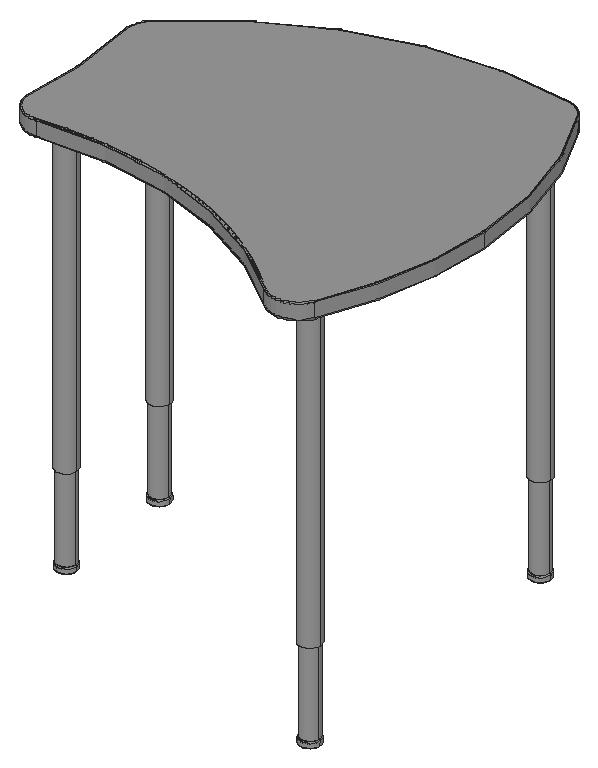
Revit family "Shapes Small - Shapes", category Generic Models, Revit 2018
Family settings
  Can host rebar = No
  Round Connector Dimension = Use Diameter
  Part Type = Normal
  Work Plane-Based = No
  Always vertical = Yes
  Cut with Voids When Loaded = No
  Shared = No
  Room Calculation Point = No
Parameters
  Table Height = 2' - 4 1/2"
  Surface = Shapes Small S Surface
  Leg Finish = Shapes Leg Platinum
  Edgeband = Shapes Small S Edgeband
  Caster/Glider = Shapes Leg - Glider : Shapes Leg - Glider
Reference planes (in)
  plane 1 "Center (Front/Back)": y = 0
  plane 2: z = 0
  plane 3 "Center (Left/Right)": x = 0
  plane 4 "Table Height": z = 28.5
Dimensions and locks (in)
  "Table Height": plane 4 "Table Height" to level
  aligned and locked: plane 2 to level
  aligned and locked: nested 1 to plane 4 "Table Height"
Nested families (in)
  nested 1: "Shapes Small Tabletop" at (0, 0, 0.70652), type "Shapes Small Tabletop"
  nested 2: "Shapes Leg - Glider" at (9.5, 11.25, 0), Leg Height <- "Table Height", type <- "Caster/Glider", Shapes Leg Finish <- "Leg Finish", type "Shapes Leg - Glider"
    with Shapes Leg Finish Shapes Leg Platinum, Leg Height 2' - 4 1/2"
  nested 3: "Shapes Leg - Glider" at (11.25, -11.5, 0), Leg Height <- "Table Height", Shapes Leg Finish <- "Leg Finish", type "Shapes Leg - Glider"
    with Shapes Leg Finish Shapes Leg Platinum, Leg Height 2' - 4 1/2"
  nested 4: "Shapes Leg - Glider" at (-11.75, -4.5, 0), Leg Height <- "Table Height", Shapes Leg Finish <- "Leg Finish", type "Shapes Leg - Glider"
    with Shapes Leg Finish Shapes Leg Platinum, Leg Height 2' - 4 1/2"
  nested 5: "Shapes Leg - Glider" at (-12.5, 4.75, 0), Leg Height <- "Table Height", type <- "Caster/Glider", Shapes Leg Finish <- "Leg Finish", type "Shapes Leg - Glider"
    with Shapes Leg Finish Shapes Leg Platinum, Leg Height 2' - 4 1/2"
Definition of nested family "Shapes Small Tabletop"
  Parameters (values of type "Shapes Small Tabletop")
    Surface = none
    Edgeband = none
  Reference planes (in)
    plane 1 "Center (Front/Back)": y = 0
    plane 2: z = 0
    plane 3 "Center (Left/Right)": x = 0
  Forms (in)
    Extrusion 1, solid, material <- "Surface"
      sketch origin (0, 0, 0) x (1, 0, 0) y (0, 1, 0)
        loop
          arc (-14.58503, 4.25707) -> (-14.18527, 1.8497) -> (-13.99683, -0.58335) r 27.97695
          arc (-13.99683, -0.58335) -> (-14.00319, -2.60076) -> (-14.16955, -4.61132) r 25.41508
          arc (-14.16955, -4.61132) -> (-14.18121, -4.75226) -> (-14.18165, -4.89368) r 1.78161
          arc (-14.18165, -4.89368) -> (-13.50919, -6.28312) -> (-12.03076, -6.72696) r 1.91773
          arc (-12.03076, -6.72696) -> (-0.30047, -7.84092) -> (9.87108, -13.78902) r 27.33492
          arc (9.87108, -13.78902) -> (11.5449, -14.27213) -> (12.91587, -13.19718) r 1.91219
          arc (12.91587, -13.19718) -> (14.84353, -7.30584) -> (15.35711, -1.12846) r 26.63274
          arc (15.35711, -1.12846) -> (14.17079, 5.94508) -> (11.17357, 12.46114) r 27.14972
          arc (11.17357, 12.46114) -> (10.63281, 13.01909) -> (9.91377, 13.31358) r 1.89788
          arc (9.91377, 13.31358) -> (-2.95957, 12.58613) -> (-14.05533, 6.0183) r 27.23253
          arc (-14.05533, 6.0183) -> (-14.49066, 5.36752) -> (-14.62626, 4.59639) r 1.89797
          arc (-14.62626, 4.59639) -> (-14.61305, 4.42583) -> (-14.58503, 4.25707) r 1.96137
      from 27.79348 to 28.91848
    Sweep 2, solid, material <- "Edgeband"
      path in 3D
        loop
          arc (9.91377, 13.31358, 28.91848) -> (10.63281, 13.01909, 28.91848) -> (11.17357, 12.46114, 28.91848) r 1.89788
          arc (11.17357, 12.46114, 28.91848) -> (14.17079, 5.94508, 28.91848) -> (15.35711, -1.12846, 28.91848) r 27.14972
          arc (15.35711, -1.12846, 28.91848) -> (14.84353, -7.30584, 28.91848) -> (12.91587, -13.19718, 28.91848) r 26.63274
          arc (12.91587, -13.19718, 28.91848) -> (11.5449, -14.27213, 28.91848) -> (9.87108, -13.78902, 28.91848) r 1.91219
          arc (9.87108, -13.78902, 28.91848) -> (-0.30047, -7.84092, 28.91848) -> (-12.03076, -6.72696, 28.91848) r 27.33492
          arc (-12.03076, -6.72696, 28.91848) -> (-13.50919, -6.28312, 28.91848) -> (-14.18165, -4.89368, 28.91848) r 1.91773
          arc (-14.18165, -4.89368, 28.91848) -> (-14.18121, -4.75226, 28.91848) -> (-14.16955, -4.61132, 28.91848) r 1.78161
          arc (-14.16955, -4.61132, 28.91848) -> (-14.00319, -2.60076, 28.91848) -> (-13.99683, -0.58335, 28.91848) r 25.41508
          arc (-13.99683, -0.58335, 28.91848) -> (-14.18527, 1.8497, 28.91848) -> (-14.58503, 4.25707, 28.91848) r 27.97695
          arc (-14.58503, 4.25707, 28.91848) -> (-14.61305, 4.42583, 28.91848) -> (-14.62626, 4.59639, 28.91848) r 1.96137
          arc (-14.62626, 4.59639, 28.91848) -> (-14.49066, 5.36752, 28.91848) -> (-14.05533, 6.0183, 28.91848) r 1.89797
          arc (-14.05533, 6.0183, 28.91848) -> (-2.95957, 12.58613, 28.91848) -> (9.91377, 13.31358, 28.91848) r 27.23253
      profile origin (-2.95957, 12.58613, 28.91848) x (-0.291174, 0.95667, 0) y (0, 0, 1)
        loop
          line (0, 0.00004) -> (0, -1.125)
          arc (0, -1.125) -> (0.04637, -1.10974) -> (0.06617, -1.06513) r 0.06017
          line (0.06617, -1.06513) -> (0.06617, -0.05996)
          arc (0.06617, -0.05996) -> (0.04638, -0.0153) -> (0, 0.00004) r 0.06029
  Lines and regions (in)
    sketch lines
      curve 1: arc (-14.05533, 6.0183, 28.91848) -> (-2.95957, 12.58613, 28.91848) -> (9.91377, 13.31358, 28.91848) r 27.23253
      curve 2: arc (9.91377, 13.31358, 28.91848) -> (10.63281, 13.01909, 28.91848) -> (11.17357, 12.46114, 28.91848) r 1.89788
      curve 3: arc (11.17357, 12.46114, 28.91848) -> (14.17079, 5.94508, 28.91848) -> (15.35711, -1.12846, 28.91848) r 27.14972
      curve 4: arc (15.35711, -1.12846, 28.91848) -> (14.84353, -7.30584, 28.91848) -> (12.91587, -13.19718, 28.91848) r 26.63274
      curve 5: arc (12.91587, -13.19718, 28.91848) -> (11.5449, -14.27213, 28.91848) -> (9.87108, -13.78902, 28.91848) r 1.91219
      curve 6: arc (9.87108, -13.78902, 28.91848) -> (-0.30047, -7.84092, 28.91848) -> (-12.03076, -6.72696, 28.91848) r 27.33492
      curve 7: arc (-12.03076, -6.72696, 28.91848) -> (-13.50919, -6.28312, 28.91848) -> (-14.18165, -4.89368, 28.91848) r 1.91773
      curve 8: arc (-14.18165, -4.89368, 28.91848) -> (-14.18121, -4.75226, 28.91848) -> (-14.16955, -4.61132, 28.91848) r 1.78161
      curve 9: arc (-14.16955, -4.61132, 28.91848) -> (-14.00319, -2.60076, 28.91848) -> (-13.99683, -0.58335, 28.91848) r 25.41508
      curve 10: arc (-13.99683, -0.58335, 28.91848) -> (-14.18527, 1.8497, 28.91848) -> (-14.58503, 4.25707, 28.91848) r 27.97695
      curve 11: arc (-14.58503, 4.25707, 28.91848) -> (-14.61305, 4.42583, 28.91848) -> (-14.62626, 4.59639, 28.91848) r 1.96137
      curve 12: arc (-14.62626, 4.59639, 28.91848) -> (-14.49066, 5.36752, 28.91848) -> (-14.05533, 6.0183, 28.91848) r 1.89797
  Dimensions and locks (in)
    aligned and locked: plane 2 to level
Definition of nested family "Shapes Leg - Glider"
  Parameters (values of type "Shapes Leg - Glider")
    Shapes Leg Finish [instance] = none
    Leg Height [instance] = 2' - 4 1/2"
  Reference planes (in)
    plane 1 "Center (Front/Back)": y = 0
    plane 2: z = 0
    plane 3 "Center (Left/Right)": x = 0
  Forms (in)
    Extrusion 1, solid
      sketch origin (-0.01562, 0, 0) x (1, 0, 0) y (0, 1, 0)
        loop
          circle (0.01563, 0) r 0.64906
      from 0.50586 to 20.17439
  Dimensions and locks (in)
    "Leg Height": nested 2 to level
    aligned and locked: plane 2 to level
  Automatic sketch dimensions
    plane 1 "Center (Front/Back)" to Extrusion 1 sketch curve = 0' - 0"
    Extrusion 1 sketch curve to plane 3 "Center (Left/Right)" = 0' - 0"
    radius of Extrusion 1 sketch curve = 0' - 0.64906"
  Nested families (in)
    nested 1: "Glider" at (0, 0, 0), type "Glider"
    nested 2: "Shapes Upper Leg" at (0, 0, 0), Shapes Leg Finish <- "Shapes Leg Finish", type "Shapes Upper Leg"
      with Shapes Leg Finish none
  Definition of nested family "Glider"
    Reference planes (in)
      plane 1 "Center (Front/Back)": y = 0
      plane 2: z = 0
      plane 3 "Center (Left/Right)": x = 0
    Forms (in)
      Revolve 1, solid
        sketch origin (0, 0, 0) x (1, 0, 0) y (0, 0, 1)
          loop
            line (0.26614, 0.50586) -> (0, 0.50586) -> (0, 0.09994) -> (0.71656, 0.09994) -> (0.71656, 0.37634)
            arc (0.71656, 0.37634) -> (0.70181, 0.41548) -> (0.66511, 0.43552) r 0.06011
            arc (0.66511, 0.43552) -> (0.46609, 0.45951) -> (0.26614, 0.47365) r 4.06535
            line (0.26614, 0.47365) -> (0.26614, 0.50586)
          axis (0, 0.50586) -> (0, 0.09994)
        angle from 0 to 360
      Revolve 2, solid
        sketch origin (0, 0, 0) x (1, 0, 0) y (0, 0, 1)
          loop
            line (0.65534, 0.1212) -> (0, 0.1212) -> (0, 0) -> (0.57593, 0)
            arc (0.57593, 0) -> (0.63208, 0.02326) -> (0.65534, 0.07941) r 0.07941
            line (0.65534, 0.07941) -> (0.65534, 0.1212)
          axis (0, 0.1212) -> (0, 0)
        angle from 0 to 360
    Dimensions and locks (in)
      aligned and locked: plane 2 to level
  Definition of nested family "Shapes Upper Leg"
    Parameters (values of type "Shapes Upper Leg")
      Shapes Leg Finish [instance] = none
    Reference planes (in)
      plane 1 "Center (Front/Back)": y = 0
      plane 2: z = 0
      plane 3 "Center (Left/Right)": x = 0
    Forms (in)
      Extrusion 1, solid, material <- "Shapes Leg Finish"
        sketch origin (0, 0, 0) x (1, 0, 0) y (0, 1, 0)
          loop
            circle (0, 0) r 0.75
        from 6.5 to 28.5
    Dimensions and locks (in)
      aligned and locked: plane 2 to level
